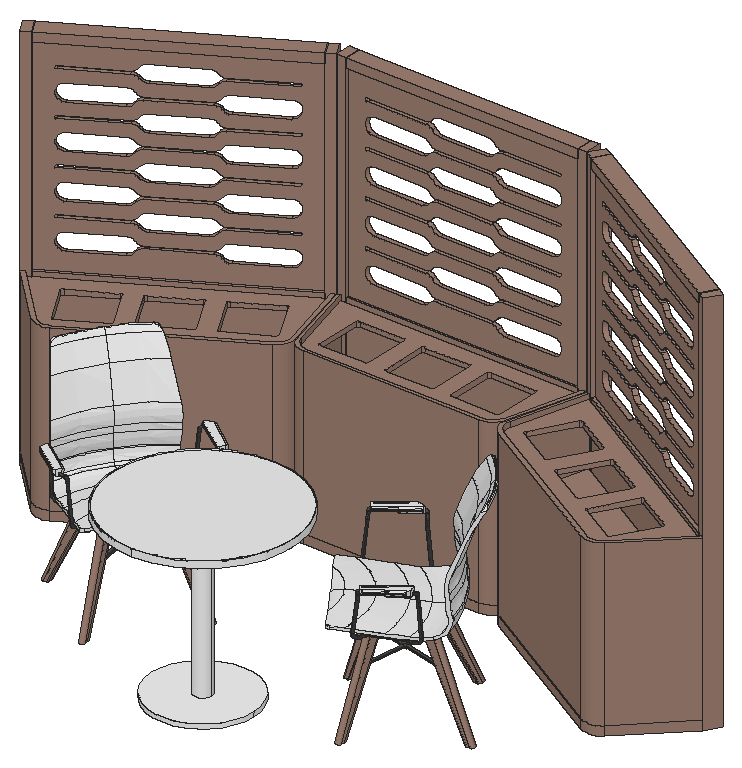
Revit family "OFS TYPICAL S200187", category Furniture, Revit 2022 (continued)
Definition of nested family "OFS HARPIN CHAIR - Plastic- 4 Legs Wood Base - Mid Back"
  Definition of nested family "Arms"
    Cuts and joins
      joined: Sweep 1, Sweep 2, Sweep 3, Sweep 4, Sweep 5, Sweep 6, Extrusion 11
      Extrusion 8, Extrusion 9 cuts Blend 7
    Dimensions and locks
      aligned and locked: level to plane 2
